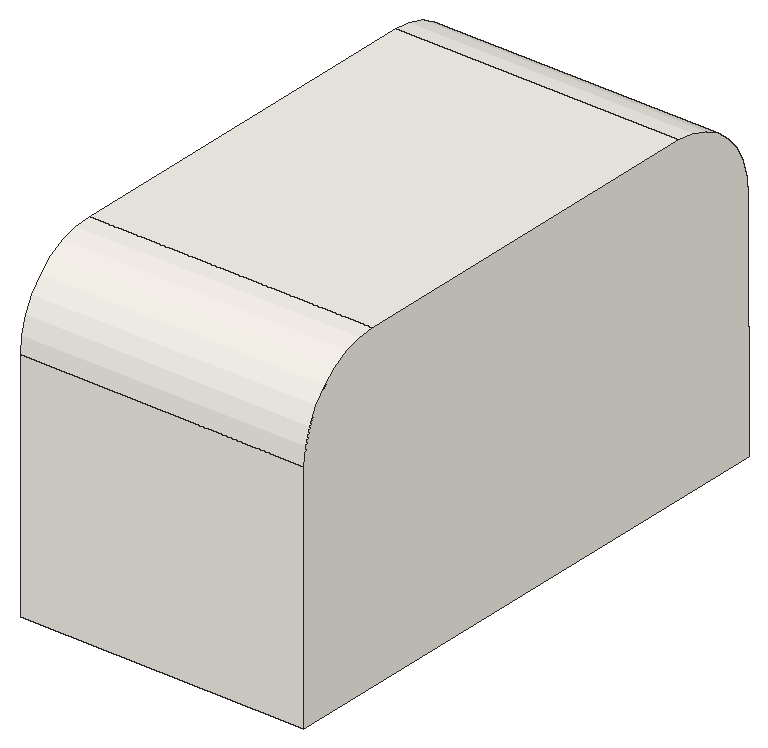
Revit family "Domotics-DomesticRanges-GEWISS-CHORUS_COMMAND-BLANKING_MODULE_HOLED", category Apparecchi elettrici, host Superficie, Revit 2016
Family settings
  Host = Superficie
  Mantenere orientamento annotazione = Sì
  Tipo di parte = Normale
  Quota connettore circolare = Usa diametro
  Taglio con vuoti quando caricato = Sì
  Condiviso = Sì
  Punto di calcolo locali = Sì
Parameters (values of type "GW14196 - Blanking module 1M cable output titanium")
  Visibilità copriferro [instance] = yes
  Version file RFA = "19.0"
  URL = "https://www.gewiss.com/ww/en"
  Tipo_ = CHORUS COPRIFORO_generico : GW14195 Copriforo 1M titanio
  Thermo-pressure with ball = "125 °C"
  Technical sheet = "https://www.gewiss.com/ww/en/search?q=GW14196"
  Standard; = "EN 60669-1"
  Standard = "EN 60669-1"
  SEO = "Cable outlet"
  Realized by GEWISS S.p.A. = ""
  Produttore = "GEWISS S.p.A."
  Offset_copriforo [instance] = 0 mm
  Offset_bidimensionale [instance] = 2 mm
  Default Elevation = 1219.2 mm
  No. Chorus modules = "1"
  Modello = "GW14196"
  Larghezza copriforo = 23 mm
  IDT = "8a8f33ae-4355-4f43-b13f-60670ae3a502"
  IDF = "1e4789e5-7b2b-463d-b32f-6fcb8ce46c3b"
  Glow Wire Test = "850°C"
  Electrocod = "0100"
  EAN code = "8011564266254"
  Distanza_x [instance] = 0 mm
  Distanza_effettiva_x [instance] = 1000 mm - Distanza_x  # 1000 mm
  Descrizione = "BLANKING MODULE, 1M, CABLE OUTPUT T"
  Description: = "1 gang"
  Colour = "Titanium"
  Category = "Blanking module with cable output"
  Catalogue Range = "CHORUS - DOMESTIC RANGE"
  Catalogue = "DOMOTICS"
  COBie.Tagnumber = ""
  COBie.CreatedOn = ""
  COBie.CreatebBy = ""
  COBie.ComponentRegisterItemID = ""
  COBie.Component.TagNumber = ""
  COBie.Component.Space = ""
  COBie.Component.SerialNumber = ""
  COBie.Component.InstallationDate = ""
  COBie.Component.Description = ""
  COBie.Component.BarCode = ""
  Bidimensionale = bidimensionale copriforo bidimensionale : Simbolo bidimensionle
  Altezza_copriforo = 45 mm
Types (6, lengths in mm): name | Tipo_ | Technical sheet | No. Chorus modules | Modello | Larghezza copriforo | IDT | EAN code | Descrizione | Description: | Colour
  GW10194 - Blanking module 2M cable output white | CHORUS COPRIFORO_generico : GW10198 Copriforo 2M bianco | "https://www.gewiss.com/ww/en/search?q=GW10194" | "2" | "GW10194" | 46 | "7fb617d8-e43c-4dfa-af13-3024c695d5e4" | "8011564298804" | "BLANKING MODULE 2M CABLE OUTPUT WHITE" | "2 gang" | "White"
  GW10196 - Blanking module 1M cable output white | CHORUS COPRIFORO_generico : GW10195 Copriforo 1M bianco | "https://www.gewiss.com/ww/en/search?q=GW10196" | "1" | "GW10196" | 23 | "c82d949f-7337-4400-a0b5-ab5002f3ff62" | "8011564258945" | "BLANKING MODULE 1M CABLE OUTPUT WHITE" | "1 gang" | "White"
  GW12194 - Blanking module 2M cable output black | CHORUS COPRIFORO_generico : GW12198 Copriforo 2M nero | "https://www.gewiss.com/ww/en/search?q=GW12194" | "2" | "GW12194" | 46 | "75f69a79-4342-4153-b9b2-c3579a7e9fd2" | "8011564298811" | "BLANKING MODULE 2M CABLE OUTPUT BLACK" | "2 gang" | "Black"
  GW12196 - Blanking module 1M cable output black | CHORUS COPRIFORO_generico : GW12195 Copriforo 1M nero | "https://www.gewiss.com/ww/en/search?q=GW12196" | "1" | "GW12196" | 23 | "2c4ad93f-71c5-4af8-93bc-9a7c71bf95e6" | "8011564266636" | "BLANKING MODULE, 1M, CABLE OUTPUT, BLACK" | "1 gang" | "Black"
  GW14194 - Blanking module 2M cable output titanium | CHORUS COPRIFORO_generico : GW14198 Copriforo 2M titanio | "https://www.gewiss.com/ww/en/search?q=GW14194" | "2" | "GW14194" | 46 | "27615615-fbd7-4ca5-91b9-f3268ade347c" | "8011564298828" | "BLANKING MODULE 2M CABLE OUTPUT TITANIUM" | "2 gang" | "Titanium"
  GW14196 - Blanking module 1M cable output titanium | CHORUS COPRIFORO_generico : GW14195 Copriforo 1M titanio | "https://www.gewiss.com/ww/en/search?q=GW14196" | "1" | "GW14196" | 23 | "8a8f33ae-4355-4f43-b13f-60670ae3a502" | "8011564266254" | "BLANKING MODULE, 1M, CABLE OUTPUT T" | "1 gang" | "Titanium"
Reference planes
  plane 1 "Centro (Fronte/Retro)": y = 0
  plane 2: z = 0
  plane 3 "Centro (Sinistra/Destra)": x = 0
  plane 4: x = -1000
  plane 5: x = 0
  plane 6: z = 0
  plane 7: x = -11.5
  plane 8: x = 11.5
  plane 9: y = -22.5
  plane 10: y = 22.5
  plane 11: z = 29.751
  plane 12: z = 31.751
Lines and regions (mm)
  Masking region 1
    outline origin (0, 0, 0) x (1, 0, 0) y (0, 0, 1)
      loop
        line (-11.5, 29.751) -> (-11.5, 0) -> (11.5, 0) -> (11.5, 29.751) -> (-11.5, 29.751)
Dimensions and locks
  plane 4 to plane 3 "Centro (Sinistra/Destra)" = 1000 mm
  "Distanza_effettiva_x": plane 4 to plane 5
  equal spacing: plane 7, plane 5, plane 8
  "Altezza_copriforo": plane 10 to plane 9
  "Larghezza copriforo": plane 7 to plane 8
  locked: plane 11 to plane 6 at 29.751
  "Offset_bidimensionale": plane 12 to plane 11
  "Offset_copriforo": plane 6 to plane 2
  aligned and locked: plane 2 to host face
  aligned and locked: level to host face
  aligned and locked: nested 1 to plane 6
  aligned and locked: plane 5 to nested 1
  aligned and locked: plane 10 to nested 1
  aligned and locked: plane 9 to nested 1
  aligned and locked: plane 5 to nested 2
  aligned and locked: plane 9 to nested 2
  aligned and locked: nested 2 to plane 10
  aligned and locked: Masking region 1 sketch curve to plane 7
  aligned and locked: plane 8 to Masking region 1 sketch curve
  aligned and locked: Masking region 1 sketch curve to plane 11
  aligned and locked: Masking region 1 sketch curve to plane 6
  aligned and locked: plane 12 to nested 2
Automatic sketch dimensions
  host sketch curve to host sketch curve = 2438.4 mm  (x2)
Nested families
  nested 1: "CHORUS COPRIFORO_generico" at (0, -10.7, 0) x (0, 1, 0) z (0, 0, 1), visible <- "Visibilità copriferro", type <- "Tipo_", type "GW14195 Copriforo 1M titanio", detail levels medium+fine
    with Spostamento_y_effettivo_etichetta 1000 mm, Spostamento_X_etichetta 0 mm, Spostamento_X_effettivo_etichetta 1000 mm, Distanza orizzontale del simbolo 0 mm, Distanza dal muro 4.208 mm, Cornice simbolo yes
  nested 2: "bidimensionale copriforo bidimensionale" at (0, 0, 31.751), Altezza copriforo <- "Altezza_copriforo", Larghezza copriforo <- "Larghezza copriforo", type <- "Bidimensionale", type "Simbolo bidimensionle", detail levels coarse
    with Larghezza copriforo 23 mm, Altezza copriforo 45 mm
Definition of nested family "CHORUS COPRIFORO_generico"
  Parameters (values of type "GW10195 Copriforo 1M bianco")
    Spostamento_y_effettivo_etichetta [instance] = 1000 mm
    Spostamento_X_etichetta [instance] = 0 mm
    Spostamento_X_effettivo_etichetta [instance] = 1000 mm - Spostamento_X_etichetta  # 1000 mm
    SIMBOLO = SIMBOLO COPRIFORO : 1M
    Default Elevation = 1219.2 mm
    Manufacturer = "GEWISS"
    Model = "GW10195"
    Materiale = none
    L = 23 mm
    Type Image = (empty or 0)
    IFC.TypeObject = ""
    IFC.ExportType = ""
    IFC.ExportAs = ""
    H = 45 mm
    GEWISS URL = "http://www.gewiss.com/prv/it_IT/index.html"
    GEWISS SCHEDA TECNICA = "http://pro.gewiss.com/irj/portal/?NavigationTarget=pcd:portal_content/com.gewiss.ZPPFDMain/com.gewiss.ZPPFDITMain/com.gewiss.ZPPFDITMainDefault/com.gewiss.ZPPFDITPages/com.gewiss.ZPPFDITPagesAP/com.gewiss.ZPPFDITPagesAPCatalogo/com.gewiss.ZPPPDITAPProductDetail&codProd=GW10195"
    Distanza orizzontale del simbolo [instance] = 0 mm
    Distanza dal muro [instance] = 4.208 mm
    Description = "COPRIFORO 1M BIANCO"
    Cornice simbolo [instance] = yes
    Type Comments = ""
    COBie.CreatedOn = ""
    COBie.CreatebBy = ""
    COBie.ComponentRegisterItemID = ""
    COBie.Component.TagNumber = ""
    COBie.Component.Space = ""
    COBie.Component.SerialNumber = ""
    COBie.Component.InstallationDate = ""
    COBie.Component.Description = ""
    COBie.Component.BarCode = ""
  Types (12, lengths in mm): name | Spostamento_y_effettivo_etichetta | Spostamento_X_etichetta | Spostamento_X_effettivo_etichetta | SIMBOLO | Model | L | GEWISS SCHEDA TECNICA | Description
    GW12195 Copriforo 1M nero | 1000 | 0 | 1000 | SIMBOLO COPRIFORO : 1M | "GW12195" | 23 | "http://pro.gewiss.com/irj/portal/?NavigationTarget=pcd:portal_content/com.gewiss.ZPPFDMain/com.gewiss.ZPPFDITMain/com.gewiss.ZPPFDITMainDefault/com.gewiss.ZPPFDITPages/com.gewiss.ZPPFDITPagesAP/com.gewiss.ZPPFDITPagesAPCatalogo/com.gewiss.ZPPPDITAPProductDetail&codProd=GW12195" | "COPRIFORO 1M NERO"
    GW12197 Copriforo 1/2M nero | 1000 | 0 | 1000 | SIMBOLO COPRIFORO : 05M | "GW12197" | 11.5 | "http://pro.gewiss.com/irj/portal/?NavigationTarget=pcd:portal_content/com.gewiss.ZPPFDMain/com.gewiss.ZPPFDITMain/com.gewiss.ZPPFDITMainDefault/com.gewiss.ZPPFDITPages/com.gewiss.ZPPFDITPagesAP/com.gewiss.ZPPFDITPagesAPCatalogo/com.gewiss.ZPPPDITAPProductDetail&codProd=GW12197" | "COPRIFORO 1/2M NERO"
    GW12198 Copriforo 2M nero | 1000 | 0 | 1000 | SIMBOLO COPRIFORO : 2M | "GW12198" | 46 | "http://pro.gewiss.com/irj/portal/?NavigationTarget=pcd:portal_content/com.gewiss.ZPPFDMain/com.gewiss.ZPPFDITMain/com.gewiss.ZPPFDITMainDefault/com.gewiss.ZPPFDITPages/com.gewiss.ZPPFDITPagesAP/com.gewiss.ZPPFDITPagesAPCatalogo/com.gewiss.ZPPPDITAPProductDetail&codProd=GW12198" | "COPRIFORO 2M NERO"
    GW12199 Copriforo 3M nero | 1000 | 0 | 1000 | SIMBOLO COPRIFORO : 3M | "GW12199" | 69 | "http://pro.gewiss.com/irj/portal/?NavigationTarget=pcd:portal_content/com.gewiss.ZPPFDMain/com.gewiss.ZPPFDITMain/com.gewiss.ZPPFDITMainDefault/com.gewiss.ZPPFDITPages/com.gewiss.ZPPFDITPagesAP/com.gewiss.ZPPFDITPagesAPCatalogo/com.gewiss.ZPPPDITAPProductDetail&codProd=GW12199" | "COPRIFORO 3M NERO"
    GW10195 Copriforo 1M bianco | 1000 | 0 | 1000 | SIMBOLO COPRIFORO : 1M | "GW10195" | 23 | "http://pro.gewiss.com/irj/portal/?NavigationTarget=pcd:portal_content/com.gewiss.ZPPFDMain/com.gewiss.ZPPFDITMain/com.gewiss.ZPPFDITMainDefault/com.gewiss.ZPPFDITPages/com.gewiss.ZPPFDITPagesAP/com.gewiss.ZPPFDITPagesAPCatalogo/com.gewiss.ZPPPDITAPProductDetail&codProd=GW10195" | "COPRIFORO 1M BIANCO"
    GW10197 Copriforo 1/2M bianco | 1000 | 0 | 1000 | SIMBOLO COPRIFORO : 05M | "GW10197" | 11.5 | "http://pro.gewiss.com/irj/portal/?NavigationTarget=pcd:portal_content/com.gewiss.ZPPFDMain/com.gewiss.ZPPFDITMain/com.gewiss.ZPPFDITMainDefault/com.gewiss.ZPPFDITPages/com.gewiss.ZPPFDITPagesAP/com.gewiss.ZPPFDITPagesAPCatalogo/com.gewiss.ZPPPDITAPProductDetail&codProd=GW10197" | "COPRIFORO 1/2M BIANCO"
    GW10198 Copriforo 2M bianco | 1000 | 0 | 1000 | SIMBOLO COPRIFORO : 2M | "GW10198" | 46 | "http://pro.gewiss.com/irj/portal/?NavigationTarget=pcd:portal_content/com.gewiss.ZPPFDMain/com.gewiss.ZPPFDITMain/com.gewiss.ZPPFDITMainDefault/com.gewiss.ZPPFDITPages/com.gewiss.ZPPFDITPagesAP/com.gewiss.ZPPFDITPagesAPCatalogo/com.gewiss.ZPPPDITAPProductDetail&codProd=GW10198" | "COPRIFORO 2M BIANCO"
    GW10199 Copriforo 3M bianco | 65 | 725 | 275 | SIMBOLO COPRIFORO : 3M | "GW10199" | 69 | "http://pro.gewiss.com/irj/portal/?NavigationTarget=pcd:portal_content/com.gewiss.ZPPFDMain/com.gewiss.ZPPFDITMain/com.gewiss.ZPPFDITMainDefault/com.gewiss.ZPPFDITPages/com.gewiss.ZPPFDITPagesAP/com.gewiss.ZPPFDITPagesAPCatalogo/com.gewiss.ZPPPDITAPProductDetail&codProd=GW10199" | "COPRIFORO 3M BIANCO"
    GW14195 Copriforo 1M titanio | 1000 | 0 | 1000 | SIMBOLO COPRIFORO : 1M | "GW14195" | 23 | "http://pro.gewiss.com/irj/portal/?NavigationTarget=pcd:portal_content/com.gewiss.ZPPFDMain/com.gewiss.ZPPFDITMain/com.gewiss.ZPPFDITMainDefault/com.gewiss.ZPPFDITPages/com.gewiss.ZPPFDITPagesAP/com.gewiss.ZPPFDITPagesAPCatalogo/com.gewiss.ZPPPDITAPProductDetail&codProd=GW14195" | "COPRIFORO 1M TITANIO"
    GW14197 Copriforo 1/2M titanio | 1000 | 0 | 1000 | SIMBOLO COPRIFORO : 05M | "GW14197" | 11.5 | "http://pro.gewiss.com/irj/portal/?NavigationTarget=pcd:portal_content/com.gewiss.ZPPFDMain/com.gewiss.ZPPFDITMain/com.gewiss.ZPPFDITMainDefault/com.gewiss.ZPPFDITPages/com.gewiss.ZPPFDITPagesAP/com.gewiss.ZPPFDITPagesAPCatalogo/com.gewiss.ZPPPDITAPProductDetail&codProd=GW14197" | "COPRIFORO 1/2M TITANIO"
    GW14198 Copriforo 2M titanio | 1000 | 0 | 1000 | SIMBOLO COPRIFORO : 2M | "GW14198" | 46 | "http://pro.gewiss.com/irj/portal/?NavigationTarget=pcd:portal_content/com.gewiss.ZPPFDMain/com.gewiss.ZPPFDITMain/com.gewiss.ZPPFDITMainDefault/com.gewiss.ZPPFDITPages/com.gewiss.ZPPFDITPagesAP/com.gewiss.ZPPFDITPagesAPCatalogo/com.gewiss.ZPPPDITAPProductDetail&codProd=GW14198" | "COPRIFORO 2M TITANIO"
    GW14199 Copriforo 3M titanio | 1000 | 0 | 1000 | SIMBOLO COPRIFORO : 3M | "GW14199" | 69 | "http://pro.gewiss.com/irj/portal/?NavigationTarget=pcd:portal_content/com.gewiss.ZPPFDMain/com.gewiss.ZPPFDITMain/com.gewiss.ZPPFDITMainDefault/com.gewiss.ZPPFDITPages/com.gewiss.ZPPFDITPagesAP/com.gewiss.ZPPFDITPagesAPCatalogo/com.gewiss.ZPPPDITAPProductDetail&codProd=GW14199" | "COPRIFORO 3M TITANIO"
  Reference planes
    plane 1 "Centro (Fronte/Retro)": y = 0
    plane 2: z = 0
    plane 3 "Centro (Sinistra/Destra)": x = 0
    plane 4: x = 33.2
    plane 5: x = -11.8
    plane 6: x = 0
    plane 7: x = 10.7
    plane 8: y = 11.5
    plane 9: y = -11.5
    plane 10: through (-60.367, 53, 1200) normal (0.9613, 0.2756, 0)
    plane 11: through (-48.369, -19.812, 1200) normal (-0.6428, 0.766, 0)
  Forms (mm)
    Extrusion 1, solid, material <- "Materiale"
      sketch origin (0, 0, 0) x (1, 0, 0) y (0, 0, 1)
        loop
          line (-11.8, 19.024) -> (-11.8, 0) -> (33.2, 0) -> (33.2, 19.024)
          arc (33.2, 19.024) -> (31.15, 23.973) -> (26.2, 26.024) r 7
          line (26.2, 26.024) -> (-4.8, 26.024)
          arc (-4.8, 26.024) -> (-9.75, 23.973) -> (-11.8, 19.024) r 7
      from -11.5 to 11.5
  Text (mm)
    text "B=C*A" at (54.401, 20.009, 0), in view "Livello rif."
  Dimensions and locks
    equal spacing: plane 8, plane 1 "Centro (Fronte/Retro)", plane 9
    "L": plane 8 to plane 9
    equal spacing: plane 5, plane 7, plane 4
    "H": plane 5 to plane 4
    radius of Extrusion 1 sketch curve = 7 mm  (x2)
    angle plane 1 "Centro (Fronte/Retro)" to plane 7 = 90.00°
    angle plane 11 to plane 10 = 66.00°
    angle plane 10 to plane 11 = 114.00°
    aligned and locked: level to plane 2
    aligned and locked: Extrusion 1 sketch curve to plane 5
    aligned and locked: Extrusion 1 sketch curve to plane 4
    aligned and locked: Extrusion 1 sketch curve to level
    aligned and locked: plane 8 to Extrusion 1
    aligned and locked: Extrusion 1 to plane 9
  Automatic sketch dimensions
    level to Extrusion 1 sketch curve = 19.024 mm
Definition of nested family "bidimensionale copriforo bidimensionale"
  Parameters (values of type "Simbolo bidimensionle")
    Larghezza copriforo [instance] = 46 mm
    Simbolo bidimensionale = yes
    Altezza copriforo [instance] = 45 mm
  Reference planes
    plane 1 "Centro (Fronte/Retro)": y = 0
    plane 2: z = 0
    plane 3 "Centro (Sinistra/Destra)": x = 0
    plane 4: x = -23
    plane 5: x = 23
    plane 6: y = 22.5
    plane 7: y = -22.5
  Lines and regions (mm)
    model lines, not visible
      curve 1: line (-23, -22.5, 0) -> (-23, 22.5, 0)
      curve 2: line (23, -22.5, 0) -> (-23, -22.5, 0)
      curve 3: line (23, 22.5, 0) -> (23, -22.5, 0)
      curve 4: line (-23, 22.5, 0) -> (23, 22.5, 0)
      curve 13: line (-23, -22.5, 0) -> (-23, 22.5, 0)
      curve 14: line (23, -22.5, 0) -> (-23, -22.5, 0)
      curve 15: line (23, 22.5, 0) -> (23, -22.5, 0)
      curve 16: line (-23, 22.5, 0) -> (23, 22.5, 0)
      curve 17: line (-23, -22.5, 0) -> (-23, 22.5, 0)
      curve 18: line (23, -22.5, 0) -> (-23, -22.5, 0)
      curve 19: line (23, 22.5, 0) -> (23, -22.5, 0)
      curve 20: line (15.279, -20, 0) -> (21.613, -20, 0)
      curve 21: line (15.279, -13.67, 0) -> (15.279, -20, 0)
      curve 22: line (21.613, -13.67, 0) -> (15.279, -13.67, 0)
      curve 23: line (21.613, -20, 0) -> (21.613, -13.67, 0)
      curve 24: line (-23, 22.5, 0) -> (23, 22.5, 0)
    model lines, visible <- "Simbolo bidimensionale"
      curve 5: line (-23, -22.5, 0) -> (-23, 22.5, 0)
      curve 6: line (23, -22.5, 0) -> (-23, -22.5, 0)
      curve 7: line (23, 22.5, 0) -> (23, -22.5, 0)
      curve 8: line (-23, 22.5, 0) -> (23, 22.5, 0)
    model lines
      curve 9: line (-23, -22.5, 0) -> (-23, 22.5, 0)
      curve 10: line (23, -22.5, 0) -> (-23, -22.5, 0)
      curve 11: line (23, 22.5, 0) -> (23, -22.5, 0)
      curve 12: line (-23, 22.5, 0) -> (23, 22.5, 0)
  Dimensions and locks
    equal spacing: plane 6, plane 1 "Centro (Fronte/Retro)", plane 7
    equal spacing: plane 4, plane 3 "Centro (Sinistra/Destra)", plane 5
    "Larghezza copriforo": plane 4 to plane 5
    "Altezza copriforo": plane 6 to plane 7
    aligned and locked: level to plane 2
    aligned and locked: curve 12 to plane 6
    aligned and locked: plane 4 to curve 9
    aligned and locked: plane 7 to curve 10
    aligned and locked: curve 11 to plane 5
  Automatic sketch dimensions
    curve 10 to curve 9 = 45 mm
    curve 17 to curve 22 = 38.279 mm
    curve 21 to curve 23 = 6.335 mm
    curve 18 to curve 21 = 2.5 mm
    curve 20 to curve 21 = 6.33 mm
    curve 18 to curve 17 = 45 mm
    curve 22 to curve 19 = 1.387 mm
    curve 1 to curve 3 = 46 mm
    curve 2 to curve 3 = 45 mm
    curve 13 to curve 15 = 46 mm
    curve 14 to curve 15 = 45 mm
    curve 7 to plane 5 = 0 mm
    curve 7 to plane 7 = 0 mm
    curve 7 to plane 6 = 0 mm
    curve 8 to plane 4 = 0 mm
    curve 8 to plane 5 = 0 mm
    curve 8 to plane 6 = 0 mm
    curve 5 to curve 5 = 45 mm
    curve 5 to plane 4 = 0 mm
    curve 5 to plane 7 = 0 mm
    curve 5 to plane 6 = 0 mm
    curve 6 to curve 6 = 46 mm
    curve 6 to plane 4 = 0 mm
    curve 6 to plane 5 = 0 mm
    curve 6 to plane 7 = 0 mm
